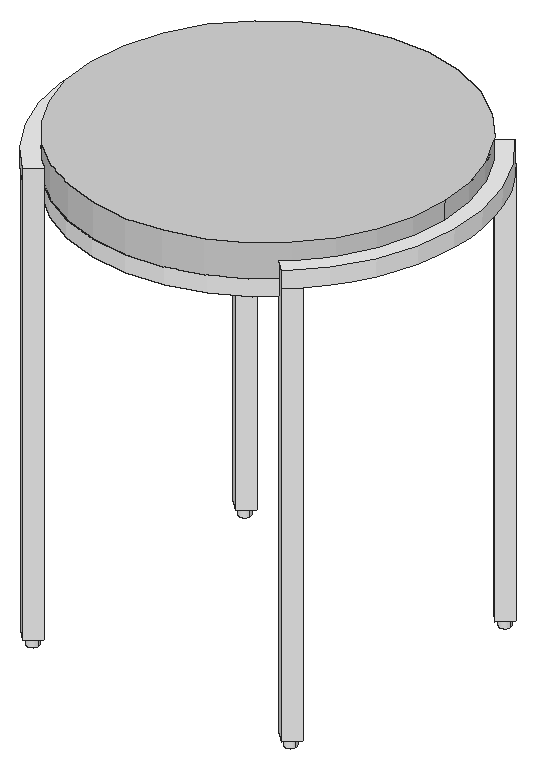
Revit family
Parameters (values of type "18W x 20H")
  Win = Width - 0' 1 1/2"  # 1' - 4 1/2"
  Width = 1' - 6"
  URL = "http://elanbydecca.com/"
  Top [instance] = Furniture - DECCA (Elan) - Ethos - Top
  RW-3/4 = Width / 2 - 0' 0 3/4"  # 0' - 8 1/4"
  RW-1 1/2 = Width / 2 - 0' 1 1/2"  # 0' - 7 1/2"
  RW = Width / 2  # 0' - 9"
  Base [instance] = Furniture - DECCA (Elan) - Ethos - Base
  Product URL = "http://elanbydecca.com/PDFs/elan_tearsheet-vertex.pdf"
  Model = "FT ST400"
  Manufacturer = "Decca Contract"
  Height = 1' - 8"
  Description = "Ethos, Table"
  Depth = Width  # 1' - 6"
  Assembly Description = "Furniture & Accessories"
  Assembly Code = "E2020200"
Types (4): name | Win | Width | RW-3/4 | RW-1 1/2 | RW | Model | Depth
  (no name) | 1' - 4 1/2" | 1' - 6" | 0' - 8 1/4" | 0' - 7 1/2" | 0' - 9" | "FT ST400" | 1' - 6"
  18W x 20H | 1' - 4 1/2" | 1' - 6" | 0' - 8 1/4" | 0' - 7 1/2" | 0' - 9" | "FT ST400" | 1' - 6"
  20W x 20H | 1' - 6 1/2" | 1' - 8" | 0' - 9 1/4" | 0' - 8 1/2" | 0' - 10" | "FT ST401" | 1' - 8"
  24W x 20H | 1' - 10 1/2" | 2' - 0" | 0' - 11 1/4" | 0' - 10 1/2" | 1' - 0" | "FT ST402" | 2' - 0"
Reference planes (in)
  plane 1 "Center Front/Back": y = -0.7524
  plane 2: z = 0
  plane 3 "Center Left/Right": x = 0
  plane 4 "L": x = -9
  plane 5 "R": x = 9
  plane 6 "F": y = -9.7524
  plane 7: y = 8.2476
  plane 8: through (-6.25338, 2.33237, 23.38953) normal (0.4297, -0.4297, 0.7941)
  plane 9 "ST": z = 20.75
  plane 10: z = 0.375
  plane 11: x = -8.25
  plane 12: x = 8.25
  plane 13: z = 20
  plane 14: z = 19.25
  plane 15: y = 7.4976
  plane 16: y = -9.0024
  plane 17: x = -0.375
  plane 18: x = 0.375
  plane 19: y = 0.8976
  plane 20: y = -2.4024
  plane 21: x = 1.65
  plane 22: x = 4.95
  plane 23: y = -5.7024
  plane 24: y = 4.1976
  plane 25: x = -1.65
  plane 26: x = -4.95
  plane 27: z = 18.5
Forms (in)
  Extrusion 1, solid, material "Furniture - DECCA (Elan) - Ethos - Base" <- "Base"
    sketch origin (0, 0, 20.75) x (-1, 0, 0) y (0, -1, 0)
      loop
        line (5.45954, -5.43274) -> (6.02027, -5.93762)
        arc (6.02027, -5.93762) -> (9, 0.7524) -> (6.02027, 7.44242) r 9
        line (6.02027, 7.44242) -> (5.45954, 6.93754)
        arc (5.45954, 6.93754) -> (8.25, 0.7524) -> (5.45954, -5.43274) r 8.25
      loop
        line (-5.45954, 6.93754) -> (-6.02027, 7.44242)
        arc (-6.02027, 7.44242) -> (-8.9923, 1.12458) -> (-6.55252, -5.41724) r 9
        line (-6.55252, -5.41724) -> (-5.99501, -4.91526)
        arc (-5.99501, -4.91526) -> (-8.24159, 1.12473) -> (-5.45954, 6.93754) r 8.25
    from -1.5 to -0.75
  Extrusion 2, solid, material "Furniture - DECCA (Elan) - Ethos - Base" <- "Base"
    sketch origin (0, 0, 20.75) x (-1, 0, 0) y (0, -1, 0)
      loop
        line (5.45954, -5.43274) -> (6.02027, -5.93762)
        arc (6.02027, -5.93762) -> (6.29433, -5.68044) -> (6.55741, -5.41204) r 9
        line (6.55741, -5.41204) -> (5.99991, -4.91007)
        arc (5.99991, -4.91007) -> (5.73568, -5.17756) -> (5.45954, -5.43274) r 8.25
      loop
        line (6.02027, 7.44242) -> (5.45954, 6.93754)
        arc (5.45954, 6.93754) -> (5.73568, 6.68236) -> (5.99991, 6.41487) r 8.25
        line (5.99991, 6.41487) -> (6.55741, 6.91684)
        arc (6.55741, 6.91684) -> (6.29433, 7.18524) -> (6.02027, 7.44242) r 9
      loop
        line (-5.45954, 6.93754) -> (-6.02035, 7.44249)
        arc (-6.02035, 7.44249) -> (-6.29441, 7.18531) -> (-6.55749, 6.91691) r 9.00011
        line (-6.55749, 6.91691) -> (-5.99991, 6.41487)
        arc (-5.99991, 6.41487) -> (-5.73568, 6.68236) -> (-5.45954, 6.93754) r 8.25
      loop
        line (-6.55252, -5.41724) -> (-5.99501, -4.91526)
        arc (-5.99501, -4.91526) -> (-6.24649, -4.63684) -> (-6.48505, -4.34727) r 8.25
        line (-6.48505, -4.34727) -> (-7.04355, -4.85014)
        arc (-7.04355, -4.85014) -> (-6.80394, -5.13881) -> (-6.55252, -5.41724) r 9
    from -20.375 to -1.5
  Extrusion 3, solid, material "Furniture - DECCA (Elan) - Ethos - Base" <- "Base"
    sketch origin (0, 0, 20.75) x (-1, 0, 0) y (0, -1, 0)
      loop
        circle (5.98984, 6.90916) r 0.2499
      loop
        circle (-5.98984, 6.90916) r 0.2499
      loop
        circle (5.98984, -5.40436) r 0.2499
      loop
        circle (-6.52531, -4.88689) r 0.2499
    from -20.375 to -20.75
  Extrusion 4, solid, material "Furniture - DECCA (Elan) - Ethos - Base" <- "Base"
    sketch origin (0, 0, 20.75) x (-1, 0, 0) y (0, -1, 0)
      loop
        arc (-6.48505, -4.34727) -> (-0.37152, -7.48923) -> (5.99991, -4.91007) r 8.25
        line (5.99991, -4.91007) -> (5.44239, -4.40807)
        arc (5.44239, -4.40807) -> (-0.37153, -6.73839) -> (-5.92633, -3.84419) r 7.5
        line (-5.92633, -3.84419) -> (-6.48505, -4.34727)
    from -2.25 to -1.5
  Extrusion 5, solid, material "Furniture - DECCA (Elan) - Ethos - Base" <- "Base"
    sketch origin (0, 0, 20.75) x (-1, 0, 0) y (0, -1, 0)
      loop
        arc (5.99991, 6.41487) -> (0, 9.0024) -> (-5.99991, 6.41487) r 8.25
        line (-5.99991, 6.41487) -> (-5.44239, 5.91287)
        arc (-5.44239, 5.91287) -> (0, 8.2524) -> (5.44239, 5.91287) r 7.5
        line (5.44239, 5.91287) -> (5.99991, 6.41487)
    from -2.25 to -1.5
  Extrusion 6, solid, material "Furniture - DECCA (Elan) - Ethos - Top" <- "Top"
    sketch origin (0, 0, 20.75) x (-1, 0, 0) y (0, -1, 0)
      loop
        circle (0, 0.7524) r 8.25
    from -1.5 to 0
Cuts and joins
  joined: Extrusion 1, Extrusion 2, Extrusion 3
Dimensions and locks (in)
  equal spacing: plane 4 "L", plane 3 "Center Left/Right", plane 5 "R"
  equal spacing: plane 7, plane 1 "Center Front/Back", plane 6 "F"
  "Width": plane 4 "L" to plane 5 "R"
  "Depth": plane 7 to plane 6 "F"
  locked: plane 4 "L" to plane 11 at 0.75
  locked: plane 12 to plane 5 "R" at 0.75
  locked: plane 7 to plane 15 at 0.75
  locked: plane 16 to plane 6 "F" at 0.75
  plane 17 to plane 3 "Center Left/Right" to plane 18 = 0' - 0 3/8" locked, 0' - 0 3/8" locked
  equal spacing: plane 11, plane 26, plane 25, plane 21, plane 22, plane 12
  equal spacing: plane 16, plane 23, plane 20, plane 19, plane 24, plane 15
  locked: Extrusion 2 sketch curve to Extrusion 2 sketch curve at 0.75  (x4)
  locked: cut or joined group of Extrusion 1, Extrusion 2, Extrusion 3 to Extrusion 3 sketch curve at 0.37592  (x4)
  plane 9 "ST" to plane 13 to plane 14 to plane 27 = 0' - 0 3/4" locked, 0' - 0 3/4" locked, 0' - 0 3/4" locked
  "Height": plane 13 to level
  cut or joined group of Extrusion 1, Extrusion 2, Extrusion 3 to cut or joined group of Extrusion 1, Extrusion 2, Extrusion 3 to Extrusion 3 sketch curve = 0' - 0.52989" locked, 0' - 0.00116" locked
  cut or joined group of Extrusion 1, Extrusion 2, Extrusion 3 to cut or joined group of Extrusion 1, Extrusion 2, Extrusion 3 to Extrusion 3 sketch curve = 0' - 0.53295", 0' - 0.00116" locked  (x3)
  "RW": radius of Extrusion 1 sketch curve  (x2)
  "RW-3/4": radius of Extrusion 1 sketch curve  (x2)
  "RW-3/4": radius of Extrusion 4 sketch curve
  "RW-1 1/2": radius of Extrusion 4 sketch curve
  "RW-3/4": radius of Extrusion 5 sketch curve
  "RW-1 1/2": radius of Extrusion 5 sketch curve
  "RW-3/4": radius of Extrusion 6 sketch curve
  locked: Extrusion 1 sketch curve to plane 4 "L" (angle 48.00°)
  locked: plane 5 "R" to Extrusion 1 sketch curve (angle 48.00°)
  locked: plane 4 "L" to Extrusion 1 sketch curve (angle 48.00°)
  locked: Extrusion 1 sketch curve to plane 5 "R" (angle 48.00°)
  aligned and locked: Extrusion 1 to plane 14
  aligned and locked: plane 13 to Extrusion 1
  aligned and locked: Extrusion 2 sketch curve to cut or joined group of Extrusion 1, Extrusion 2, Extrusion 3  (x11)
  aligned and locked: Extrusion 2 to plane 10
  aligned and locked: plane 14 to Extrusion 2
  aligned: Extrusion 3 to level
  aligned and locked: cut or joined group of Extrusion 1, Extrusion 2, Extrusion 3 to Extrusion 4 sketch curve
  aligned and locked: Extrusion 4 sketch curve to cut or joined group of Extrusion 1, Extrusion 2, Extrusion 3
  aligned and locked: Extrusion 4 to plane 27
  aligned and locked: plane 14 to Extrusion 4
  aligned and locked: Extrusion 5 sketch curve to cut or joined group of Extrusion 1, Extrusion 2, Extrusion 3
  aligned and locked: cut or joined group of Extrusion 1, Extrusion 2, Extrusion 3 to Extrusion 5 sketch curve
  aligned and locked: Extrusion 5 to plane 27
  aligned and locked: plane 14 to Extrusion 5
  aligned and locked: Extrusion 6 to plane 14
  aligned and locked: plane 9 "ST" to Extrusion 6
  aligned and locked: plane 10 to Extrusion 3
  aligned and locked: Extrusion 3 to level
Automatic sketch dimensions
  Extrusion 2 sketch curve to Extrusion 2 sketch curve = 0' - 0"  (x2)
  Extrusion 1 sketch curve to Extrusion 1 sketch curve = 0' - 0"  (x6)
  plane 1 "Center Front/Back" to Extrusion 1 sketch curve = 0' - 0"
  Extrusion 1 sketch curve to plane 3 "Center Left/Right" = 0' - 0"
  Extrusion 1 sketch curve to plane 23 = 0' - 1.23514"  (x2)
  Extrusion 1 sketch curve to Extrusion 1 sketch curve = 0' - 0.55751"
  plane 24 to Extrusion 1 sketch curve = 0' - 1.23514"
  Extrusion 2 sketch curve to Extrusion 2 sketch curve = 0' - 0.55758"
  plane 1 "Center Front/Back" to Extrusion 4 sketch curve = 0' - 0"
  Extrusion 4 sketch curve to plane 3 "Center Left/Right" = 0' - 0"
  Extrusion 4 sketch curve to Extrusion 4 sketch curve = 0' - 0"  (x4)
  plane 1 "Center Front/Back" to Extrusion 5 sketch curve = 0' - 0"
  Extrusion 5 sketch curve to plane 3 "Center Left/Right" = 0' - 0"
  Extrusion 5 sketch curve to Extrusion 5 sketch curve = 0' - 0"  (x4)
  plane 1 "Center Front/Back" to Extrusion 6 sketch curve = 0' - 0"
  Extrusion 6 sketch curve to plane 3 "Center Left/Right" = 0' - 0"
  radius of Extrusion 3 sketch curve = 0' - 0.2499"  (x4)
